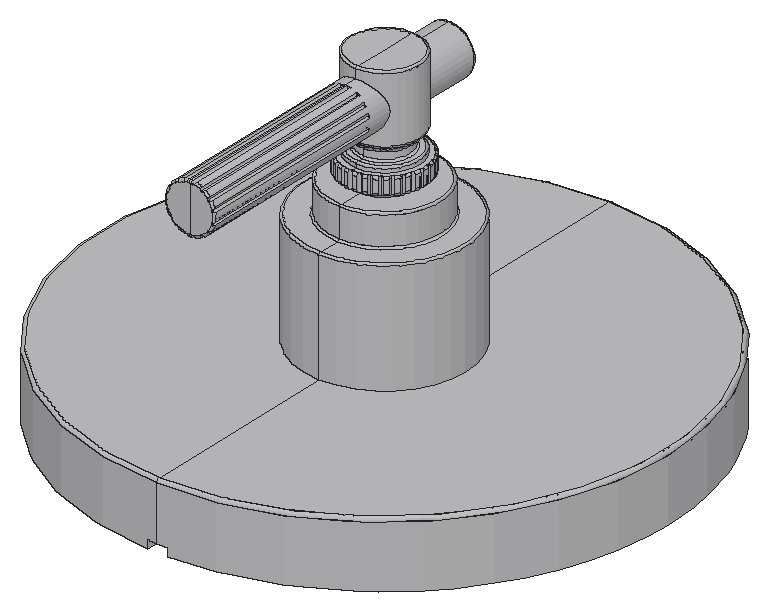
Revit family "Shower-Valve_Trim-KALLISTA-Central_Park_West-P21375_1", category Specialty Equipment, host Face, Revit 2021
Family settings
  Host = Face
  Round Connector Dimension = Use Diameter
  Part Type = Normal
  OmniClass Number = 23.31.25.00
  OmniClass Title = Toilet and Bath Specialties
  Cut with Voids When Loaded = No
  Shared = No
  Room Calculation Point = No
Parameters (values of type "CP-Chrome")
  Width = 6 67/256"  # constant formula
  WaterSense Certified = 1 = 0  # no
  URL = "https://www.kallista.com/"
  Type = 4
  Product Page URL = "https://www.kallista.com/bathroom/showering/shower-trim/central-park-west-pressure-balance-trim-lever-handle-p21375-lv-cp"
  Product Name = "Central Park West"  # constant formula
  Product Documentation Link = "https://resources.kohler.com/interiors/kallista/pdf/1377366-4.pdf"
  Model = if(Type = 1, "P21375-LV-BAF", if(Type = 2, "P21375-LV-BN", if(Type = 3, "P21375-LV-BV", if(Type = 4, "P21375-LV-CP", if(Type = 5, "P21375-LV-SN", if(Type = 6, "P21375-LV-ULB", "NA"))))))  # "P21375-LV-CP"
  Material = "Premium Metal Construction"  # constant formula
  Master Format 2014 Name = "Toilet, Bath, and Laundry Accessories"  # constant formula
  Master Format 2014 = "10 28 00"  # constant formula
  Manufacturer Address = "444 Highland Dr, Kohler, WI 53044"  # constant formula
  Manufacturer = "Kallista Co."  # constant formula
  Length = 3 149/256"  # constant formula
  Height = 6.25984"  # constant formula
  Handle Clearance = 2.67717"  # constant formula
  Finish = Kallista-Metal-CP-Chrome
  Environmental Product Declaration = ""
  Description = "Pressure Balance Trim, Lever Handle"  # constant formula
  Default Elevation = 42"
  Declare Label = ""
  Date Modified = "11/01/2022"  # constant formula
  Date Created = "11/01/2022"  # constant formula
  Copyright = "Copyright Kallista Co."  # constant formula
  Contact Us = "https://www.kallista.com/corporate/contact-us/"
  Assembly Code = "C1030200"
  ADA Compliant = 1 = 1  # yes
Reference planes (in)
  plane 1 "Center (Front/Back)": y = 0
  plane 2: z = 0
  plane 3 "Center (Left/Right)": x = 0
  plane 4: x = -3.12992
  plane 5: x = 3.1318
  plane 6: y = 3.12992
  plane 7: y = -3.12992
  plane 8: z = 3.58203
  plane 9: y = -2.67717
  plane 10: y = 0.90551
  plane 11: z = 0.72021
  plane 12: z = 3.18898
  plane 13: x = -0.27559
  plane 14: x = 0.27559
Dimensions and locks (in)
  "Width": plane 4 to plane 5
  "Length": level to plane 8
  "Height": plane 6 to plane 7
  "Handle Clearance": plane 1 "Center (Front/Back)" to plane 9
  plane 12 to level = 3.18898"
  plane 13 to plane 14 = 0.55118"
  plane 10 to plane 9 = 3.58268"
  aligned and locked: plane 2 to host face
  aligned and locked: level to host face
  aligned and locked: plane 3 "Center (Left/Right)" to nested 1
  aligned and locked: plane 1 "Center (Front/Back)" to nested 1
Automatic sketch dimensions
  host sketch curve to host sketch curve = 96"  (x2)
Nested families (in)
  nested 1: "P21375" at (0, 0, 0), type "P21375"
Definition of nested family "P21375"
  Parameters
    Material = none
    Default Elevation = 0"
  Reference planes (in)
    plane 1 "Center (Front/Back)": y = 0
    plane 2: z = 0
    plane 3 "Center (Left/Right)": x = 0
    plane 4: x = -3.12992
    plane 5: x = 3.12992
    plane 6: x = -0.27559
    plane 7: x = 0.27559
    plane 8: z = 3.58268
    plane 9: z = 3.18898
    plane 10: y = -2.67717
    plane 11: y = 0.90551
    plane 12: y = -3.12992
    plane 13: y = 3.12992
    plane 14: z = 2.91339
    plane 15: z = 3.46457
  Forms (in)
    Revolve 1, solid, material <- "Material", detail levels medium+fine
      sketch origin (0, 0, 0) x (0, 1, 0) y (0, 0, 1)
        loop
          line (3.12992, 0) -> (3.12992, 0.68084)
          arc (3.12992, 0.68084) -> (3.11839, 0.70868) -> (3.09055, 0.72021) r 0.03937
          line (3.09055, 0.72021) -> (0.89729, 0.72021) -> (0.89729, 1.94962)
          arc (0.89729, 1.94962) -> (0.89153, 1.96354) -> (0.87761, 1.96931) r 0.01969
          line (0.87761, 1.96931) -> (0.63974, 1.96931)
          arc (0.63974, 1.96931) -> (0.62582, 1.97507) -> (0.62006, 1.98899) r 0.01969
          line (0.62006, 1.98899) -> (0.62006, 2.29931)
          arc (0.62006, 2.29931) -> (0.61429, 2.31323) -> (0.60037, 2.319) r 0.01969
          line (0.60037, 2.319) -> (0.26555, 2.319) -> (0.315, 2.337) -> (0.35762, 2.337)
          arc (0.35762, 2.337) -> (0.37152, 2.34276) -> (0.37728, 2.35666) r 0.01966
          line (0.37728, 2.35666) -> (0.37728, 2.39706) -> (0.44194, 2.39706)
          arc (0.44194, 2.39706) -> (0.45586, 2.40282) -> (0.46163, 2.41674) r 0.01969
          line (0.46163, 2.41674) -> (0.46163, 2.55732)
          arc (0.46163, 2.55732) -> (0.45586, 2.57124) -> (0.44194, 2.577) r 0.01969
          line (0.44194, 2.577) -> (0.37761, 2.577) -> (0.37761, 2.61736)
          arc (0.37761, 2.61736) -> (0.37185, 2.63128) -> (0.35793, 2.63704) r 0.01969
          line (0.35793, 2.63704) -> (0.29827, 2.63704)
          arc (0.29827, 2.63704) -> (0.28435, 2.64281) -> (0.27859, 2.65673) r 0.01969
          line (0.27859, 2.65673) -> (0.27859, 2.76499) -> (0.31743, 2.76499)
          arc (0.31743, 2.76499) -> (0.33135, 2.77076) -> (0.33712, 2.78468) r 0.01969
          line (0.33712, 2.78468) -> (0.33712, 2.82404) -> (0.3689, 2.82404)
          arc (0.3689, 2.82404) -> (0.38282, 2.8298) -> (0.38858, 2.84372) r 0.01969
          line (0.38858, 2.84372) -> (0.38858, 3.56299)
          arc (0.38858, 3.56299) -> (0.38282, 3.57691) -> (0.3689, 3.58268) r 0.01969
          line (0.3689, 3.58268) -> (0, 3.58268) -> (0, 0) -> (3.12992, 0)
        axis (0, 3.58268) -> (0, 0)
      angle from 0 to 360
    Revolve 2, solid, material <- "Material", detail levels medium+fine
      sketch origin (0, 0, 0) x (0, 1, 0) y (0, 0, 1)
        loop
          line (0.88583, 3.46457) -> (-2.65748, 3.46457)
          arc (-2.65748, 3.46457) -> (-2.6714, 3.4588) -> (-2.67717, 3.44488) r 0.01969
          line (-2.67717, 3.44488) -> (-2.67717, 3.18898) -> (0.90551, 3.18898) -> (0.90551, 3.44488)
          arc (0.90551, 3.44488) -> (0.89975, 3.4588) -> (0.88583, 3.46457) r 0.01969
        axis (0.90551, 3.18898) -> (-2.67717, 3.18898)
      angle from 0 to 360
    Extrusion 3, void
      sketch origin (-0.00615, 0, 0) x (1, 0, 0) y (0, 1, 0)
        loop
          circle (0.4417, 0.1425) r 0.02362
        loop
          circle (0.46437, 0.04889) r 0.02362
      from 2.65265 to 2.337
    Extrusion 4, void
      sketch origin (-0.00834, 0.00103, 0) x (0.913545, 0.406737, 0) y (-0.406737, 0.913545, 0)
        loop
          circle (0.4417, 0.1425) r 0.02362
        loop
          circle (0.46437, 0.04889) r 0.02362
      from 2.65265 to 2.337
    Extrusion 5, void
      sketch origin (-0.00803, -0.00245, 0) x (0.669131, 0.743145, 0) y (-0.743145, 0.669131, 0)
        loop
          circle (0.4417, 0.1425) r 0.02362
        loop
          circle (0.46437, 0.04889) r 0.02362
      from 2.65265 to 2.337
    Extrusion 6, void
      sketch origin (0.00615, 0, 0) x (-1, 0, 0) y (0, -1, 0)
        loop
          circle (0.4417, -0.1425) r 0.02362
        loop
          circle (0.46437, -0.04889) r 0.02362
      from 2.65265 to 2.337
    Extrusion 7, void
      sketch origin (0.00834, 0.00103, 0) x (-0.913545, 0.406737, 0) y (-0.406737, -0.913545, 0)
        loop
          circle (0.4417, -0.1425) r 0.02362
        loop
          circle (0.46437, -0.04889) r 0.02362
      from 2.65265 to 2.337
    Extrusion 8, void
      sketch origin (0.00803, -0.00245, 0) x (-0.669131, 0.743145, 0) y (-0.743145, -0.669131, 0)
        loop
          circle (0.4417, -0.1425) r 0.02362
        loop
          circle (0.46437, -0.04889) r 0.02362
      from 2.65265 to 2.337
    Extrusion 9, void
      sketch origin (0.00834, -0.00103, 0) x (-0.913545, -0.406737, 0) y (0.406737, -0.913545, 0)
        loop
          circle (0.4417, 0.1425) r 0.02362
        loop
          circle (0.46437, 0.04889) r 0.02362
      from 2.65265 to 2.337
    Extrusion 10, void
      sketch origin (-0.00834, -0.00103, 0) x (0.913545, -0.406737, 0) y (0.406737, 0.913545, 0)
        loop
          circle (0.4417, -0.1425) r 0.02362
        loop
          circle (0.46437, -0.04889) r 0.02362
      from 2.65265 to 2.337
    Extrusion 11, void
      sketch origin (-0.00803, 0.00245, 0) x (0.669131, -0.743145, 0) y (0.743145, 0.669131, 0)
        loop
          circle (0.4417, -0.1425) r 0.02362
        loop
          circle (0.46437, -0.04889) r 0.02362
      from 2.65265 to 2.337
    Extrusion 12, void
      sketch origin (-0.00719, -0.00433, 0) x (1, 0, 0) y (0, 1, 0)
        loop
          circle (0.4417, -0.1425) r 0.02362
        loop
          circle (0.46437, -0.04889) r 0.02362
      from 2.65265 to 2.337
    Extrusion 13, void
      sketch origin (-0.00634, 0.0055, 0) x (0.309017, -0.951057, 0) y (0.951057, 0.309017, 0)
        loop
          circle (0.4417, -0.1425) r 0.02559
        loop
          circle (0.46437, -0.04889) r 0.02559
      from 2.65265 to 2.337
    Extrusion 14, void
      sketch origin (-0.00634, -0.0055, 0) x (0.309017, 0.951057, 0) y (-0.951057, 0.309017, 0)
        loop
          circle (0.4417, 0.1425) r 0.02559
        loop
          circle (0.46437, 0.04889) r 0.02559
      from 2.65265 to 2.337
    Extrusion 15, void
      sketch origin (0.00803, 0.00245, 0) x (-0.669131, -0.743145, 0) y (0.743145, -0.669131, 0)
        loop
          circle (0.4417, 0.1425) r 0.02165
      from 2.65265 to 2.337
    Extrusion 16, void
      sketch origin (0.00735, 0.00406, 0) x (-0.5, -0.866025, 0) y (0.866025, -0.5, 0)
        loop
          circle (0.4417, 0.1425) r 0.02165
      from 2.65265 to 2.337
    Extrusion 17, void
      sketch origin (0.00837, 0.00072, 0) x (-0.809017, -0.587785, 0) y (0.587785, -0.809017, 0)
        loop
          circle (0.4417, 0.1425) r 0.02165
      from 2.65265 to 2.337
    Extrusion 18, void
      sketch origin (0.00719, -0.00433, 0) x (-1, 0, 0) y (0, -1, 0)
        loop
          circle (0.4417, 0.1425) r 0.02165
      from 2.65265 to 2.337
    Extrusion 19, void
      sketch origin (0.00614, -0.00573, 0) x (-0.978148, 0.207912, 0) y (-0.207912, -0.978148, 0)
        loop
          circle (0.4417, 0.1425) r 0.02165
      from 2.65265 to 2.337
    Extrusion 20, void
      sketch origin (0.00735, -0.00406, 0) x (-0.5, 0.866025, 0) y (-0.866025, -0.5, 0)
        loop
          circle (0.4417, -0.1425) r 0.02165
      from 2.65265 to 2.337
    Extrusion 21, void
      sketch origin (0, 0, 0) x (1, 0, 0) y (0, 0, 1)
        loop
          circle (0.26516, 3.25403) r 0.0212
      from 0.53916 to 2.74797
    Extrusion 22, void
      sketch origin (1.22037, 0, 0.24275) x (0.92388, 0, 0.382683) y (-0.382683, 0, 0.92388)
        loop
          circle (0.26516, 3.25403) r 0.0212
      from 0.53916 to 2.74797
    Extrusion 23, void
      sketch origin (2.25495, 0, 0.93403) x (0.707107, 0, 0.707107) y (-0.707107, 0, 0.707107)
        loop
          circle (0.26516, 3.25403) r 0.0212
      from 0.53916 to 2.74797
    Extrusion 24, void
      sketch origin (2.94623, 0, 1.96861) x (0.382683, 0, 0.92388) y (-0.92388, 0, 0.382683)
        loop
          circle (0.26516, 3.25403) r 0.0212
      from 0.53916 to 2.74797
    Extrusion 25, void
      sketch origin (0, 0, 0) x (-1, 0, 0) y (0, 0, -1)
        loop
          circle (0.26516, -3.25403) r 0.0212
      from 0.53916 to 2.74797
    Extrusion 26, void
      sketch origin (-1.22037, 0, 0.24275) x (-0.92388, 0, 0.382683) y (-0.382683, 0, -0.92388)
        loop
          circle (0.26516, -3.25403) r 0.0212
      from 0.53916 to 2.74797
    Extrusion 27, void
      sketch origin (-2.25495, 0, 0.93403) x (-0.707107, 0, 0.707107) y (-0.707107, 0, -0.707107)
        loop
          circle (0.26516, -3.25403) r 0.0212
      from 0.53916 to 2.74797
    Extrusion 28, void
      sketch origin (-2.94623, 0, 1.96861) x (-0.382683, 0, 0.92388) y (-0.92388, 0, -0.382683)
        loop
          circle (0.26516, -3.25403) r 0.0212
      from 0.53916 to 2.74797
    Extrusion 29, void
      sketch origin (0, 0, 6.37795) x (1, 0, 0) y (0, 0, 1)
        loop
          circle (0.26516, -3.25403) r 0.0212
      from 0.53916 to 2.74797
    Extrusion 30, void
      sketch origin (1.22037, 0, 6.13521) x (0.92388, 0, -0.382683) y (0.382683, 0, 0.92388)
        loop
          circle (0.26516, -3.25403) r 0.0212
      from 0.53916 to 2.74797
    Extrusion 31, void
      sketch origin (2.25495, 0, 5.44392) x (0.707107, 0, -0.707107) y (0.707107, 0, 0.707107)
        loop
          circle (0.26516, -3.25403) r 0.0212
      from 0.53916 to 2.74797
    Extrusion 32, void
      sketch origin (2.94623, 0, 4.40934) x (0.382683, 0, -0.92388) y (0.92388, 0, 0.382683)
        loop
          circle (0.26516, -3.25403) r 0.0212
      from 0.53916 to 2.74797
    Extrusion 33, void
      sketch origin (0, 0, 6.37795) x (-1, 0, 0) y (0, 0, -1)
        loop
          circle (0.26516, 3.25403) r 0.0212
      from 0.53916 to 2.74797
    Extrusion 34, void
      sketch origin (-1.22037, 0, 6.13521) x (-0.92388, 0, -0.382683) y (0.382683, 0, -0.92388)
        loop
          circle (0.26516, 3.25403) r 0.0212
      from 0.53916 to 2.74797
    Extrusion 35, void
      sketch origin (-2.25495, 0, 5.44392) x (-0.707107, 0, -0.707107) y (0.707107, 0, -0.707107)
        loop
          circle (0.26516, 3.25403) r 0.0212
      from 0.53916 to 2.74797
    Extrusion 36, void
      sketch origin (-2.94623, 0, 4.40934) x (-0.382683, 0, -0.92388) y (0.92388, 0, -0.382683)
        loop
          circle (0.26516, 3.25403) r 0.0212
      from 0.53916 to 2.74797
    Revolve 37, solid, material <- "Material", detail levels coarse
      sketch origin (0, 0, 0) x (1, 0, 0) y (0, 0, 1)
        loop
          line (0, 0) -> (3.12992, 0) -> (3.12992, 0.72142) -> (0.89929, 0.72142) -> (0.89929, 2.31963) -> (0.38885, 2.31963) -> (0.38885, 3.58268) -> (0, 3.58268) -> (0, 0)
        axis (0, 3.58268) -> (0, 0)
      angle from 0 to 360
    Extrusion 38, solid, material <- "Material", detail levels coarse
      sketch origin (0, 0, 0) x (1, 0, 0) y (0, 0, 1)
        loop
          circle (0, 3.18898) r 0.27559
      from -0.90551 to 2.67717
    Extrusion 39, void
      sketch origin (0, 0, 0) x (1, 0, 0) y (0, 0, 1)
        loop
          line (-0.09965, -0.0123) -> (0.11585, -0.0123) -> (0.11585, 0.0883) -> (-0.09965, 0.0883) -> (-0.09965, -0.0123)
      from 2.33657 to 4.00289
  Cuts and joins
    Extrusion 3, Extrusion 4, Extrusion 5, Extrusion 6, Extrusion 7, Extrusion 8, Extrusion 9, Extrusion 10, Extrusion 11, Extrusion 12, Extrusion 13, Extrusion 14, Extrusion 15, Extrusion 16, Extrusion 17, Extrusion 18, Extrusion 19, Extrusion 20, Extrusion 22, Extrusion 23, Extrusion 24, Extrusion 25, Extrusion 26, Extrusion 27, Extrusion 28, Extrusion 29, Extrusion 30, Extrusion 31, Extrusion 32, Extrusion 33, Extrusion 34, Extrusion 35, Extrusion 36, Extrusion 39 cuts Revolve 1
    Extrusion 4, Extrusion 5, Extrusion 6, Extrusion 7, Extrusion 8, Extrusion 9, Extrusion 10, Extrusion 11, Extrusion 12, Extrusion 16, Extrusion 17, Extrusion 18, Extrusion 19, Extrusion 20, Extrusion 21, Extrusion 22, Extrusion 23, Extrusion 24, Extrusion 25, Extrusion 26, Extrusion 27, Extrusion 28, Extrusion 29, Extrusion 30, Extrusion 31, Extrusion 32, Extrusion 33, Extrusion 34, Extrusion 35, Extrusion 36 cuts Revolve 2
    joined: Revolve 1, Revolve 2
    joined: Revolve 37, Extrusion 38
  Lines and regions (in)
    Masking region 1
      outline origin (0, 0, 0) x (1, 0, 0) y (0, 0, 1)
        loop
          line (3.12992, 0) -> (3.12992, 0.68084)
          arc (3.12992, 0.68084) -> (3.11839, 0.70868) -> (3.09055, 0.72021) r 0.03937
          line (3.09055, 0.72021) -> (0.90015, 0.72021) -> (0.90015, 1.9497)
          arc (0.90015, 1.9497) -> (0.89438, 1.96362) -> (0.88046, 1.96939) r 0.01969
          line (0.88046, 1.96939) -> (0.63976, 1.96939)
          arc (0.63976, 1.96939) -> (0.62584, 1.97515) -> (0.62008, 1.98907) r 0.01969
          line (0.62008, 1.98907) -> (0.62008, 2.29931)
          arc (0.62008, 2.29931) -> (0.61431, 2.31323) -> (0.60039, 2.319) r 0.01969
          line (0.60039, 2.319) -> (0.315, 2.319) -> (0.26555, 2.319) -> (0.315, 2.337) -> (0.35748, 2.337)
          arc (0.35748, 2.337) -> (0.37149, 2.3428) -> (0.37729, 2.35681) r 0.01981
          line (0.37729, 2.35681) -> (0.37729, 2.39706) -> (0.44152, 2.39706)
          arc (0.44152, 2.39706) -> (0.45655, 2.40403) -> (0.46093, 2.42002) r 0.01969
          line (0.46093, 2.42002) -> (0.46093, 2.55709)
          arc (0.46093, 2.55709) -> (0.45524, 2.57116) -> (0.44124, 2.577) r 0.01969
          line (0.44124, 2.577) -> (0.37776, 2.577) -> (0.37776, 2.61724)
          arc (0.37776, 2.61724) -> (0.372, 2.63116) -> (0.35808, 2.63693) r 0.01969
          line (0.35808, 2.63693) -> (0.29902, 2.63693)
          arc (0.29902, 2.63693) -> (0.28331, 2.64415) -> (0.27855, 2.66077) r 0.0207
          line (0.27855, 2.66077) -> (0.27855, 2.76489) -> (0.31748, 2.76489)
          arc (0.31748, 2.76489) -> (0.3314, 2.77065) -> (0.33716, 2.78457) r 0.01969
          line (0.33716, 2.78457) -> (0.33716, 2.82404) -> (0.36916, 2.82404)
          arc (0.36916, 2.82404) -> (0.38308, 2.8298) -> (0.38885, 2.84372) r 0.01969
          line (0.38885, 2.84372) -> (0.38885, 3.56299)
          arc (0.38885, 3.56299) -> (0.38308, 3.57691) -> (0.36916, 3.58268) r 0.01969
          line (0.36916, 3.58268) -> (0, 3.58268) -> (-0.36916, 3.58268)
          arc (-0.36916, 3.58268) -> (-0.38308, 3.57691) -> (-0.38885, 3.56299) r 0.01969
          line (-0.38885, 3.56299) -> (-0.38885, 2.84372)
          arc (-0.38885, 2.84372) -> (-0.38308, 2.8298) -> (-0.36916, 2.82404) r 0.01969
          line (-0.36916, 2.82404) -> (-0.33716, 2.82404) -> (-0.33716, 2.78457)
          arc (-0.33716, 2.78457) -> (-0.3314, 2.77065) -> (-0.31748, 2.76489) r 0.01969
          line (-0.31748, 2.76489) -> (-0.27855, 2.76489) -> (-0.27855, 2.66077)
          arc (-0.27855, 2.66077) -> (-0.28331, 2.64415) -> (-0.29902, 2.63693) r 0.0207
          line (-0.29902, 2.63693) -> (-0.35808, 2.63693)
          arc (-0.35808, 2.63693) -> (-0.372, 2.63116) -> (-0.37776, 2.61724) r 0.01969
          line (-0.37776, 2.61724) -> (-0.37776, 2.577) -> (-0.44124, 2.577)
          arc (-0.44124, 2.577) -> (-0.45524, 2.57116) -> (-0.46093, 2.55709) r 0.01969
          line (-0.46093, 2.55709) -> (-0.46093, 2.42002)
          arc (-0.46093, 2.42002) -> (-0.45655, 2.40403) -> (-0.44152, 2.39706) r 0.01969
          line (-0.44152, 2.39706) -> (-0.37729, 2.39706) -> (-0.37729, 2.35681)
          arc (-0.37729, 2.35681) -> (-0.37149, 2.3428) -> (-0.35748, 2.337) r 0.01981
          line (-0.35748, 2.337) -> (-0.315, 2.337) -> (-0.26555, 2.319) -> (-0.315, 2.319) -> (-0.60039, 2.319)
          arc (-0.60039, 2.319) -> (-0.61431, 2.31323) -> (-0.62008, 2.29931) r 0.01969
          line (-0.62008, 2.29931) -> (-0.62008, 1.98907)
          arc (-0.62008, 1.98907) -> (-0.62584, 1.97515) -> (-0.63976, 1.96939) r 0.01969
          line (-0.63976, 1.96939) -> (-0.88046, 1.96939)
          arc (-0.88046, 1.96939) -> (-0.89438, 1.96362) -> (-0.90015, 1.9497) r 0.01969
          line (-0.90015, 1.9497) -> (-0.90015, 0.72021) -> (-3.09055, 0.72021)
          arc (-3.09055, 0.72021) -> (-3.11839, 0.70868) -> (-3.12992, 0.68084) r 0.03937
          line (-3.12992, 0.68084) -> (-3.12992, 0) -> (0, 0) -> (3.12992, 0)
    Masking region 2
      outline origin (0, 0, 0) x (0, 1, 0) y (0, 0, 1)
        loop
          line (3.12992, 0) -> (3.12992, 0.68038)
          arc (3.12992, 0.68038) -> (3.11839, 0.70822) -> (3.09055, 0.71975) r 0.03937
          line (3.09055, 0.71975) -> (0.89767, 0.71975) -> (0.89767, 1.95001)
          arc (0.89767, 1.95001) -> (0.8919, 1.96393) -> (0.87798, 1.9697) r 0.01969
          line (0.87798, 1.9697) -> (0.64016, 1.9697)
          arc (0.64016, 1.9697) -> (0.62624, 1.97546) -> (0.62047, 1.98938) r 0.01969
          line (0.62047, 1.98938) -> (0.62047, 2.29931)
          arc (0.62047, 2.29931) -> (0.61471, 2.31323) -> (0.60079, 2.319) r 0.01969
          line (0.60079, 2.319) -> (0.315, 2.319) -> (0.24782, 2.319) -> (0.315, 2.337) -> (0.35811, 2.337)
          arc (0.35811, 2.337) -> (0.37203, 2.34277) -> (0.37779, 2.35669) r 0.01969
          line (0.37779, 2.35669) -> (0.37779, 2.39687) -> (0.44151, 2.39687)
          arc (0.44151, 2.39687) -> (0.45543, 2.40264) -> (0.4612, 2.41655) r 0.01969
          line (0.4612, 2.41655) -> (0.4612, 2.55732)
          arc (0.4612, 2.55732) -> (0.45543, 2.57124) -> (0.44151, 2.577) r 0.01969
          line (0.44151, 2.577) -> (0.39735, 2.577)
          arc (0.39735, 2.577) -> (0.38343, 2.58277) -> (0.37766, 2.59669) r 0.01969
          line (0.37766, 2.59669) -> (0.37766, 2.6373) -> (0.29823, 2.6373)
          arc (0.29823, 2.6373) -> (0.28431, 2.64307) -> (0.27855, 2.65699) r 0.01969
          line (0.27855, 2.65699) -> (0.27855, 2.76508) -> (0.31752, 2.76508)
          arc (0.31752, 2.76508) -> (0.33144, 2.77085) -> (0.3372, 2.78477) r 0.01969
          line (0.3372, 2.78477) -> (0.3372, 2.82404) -> (0.36879, 2.82404)
          arc (0.36879, 2.82404) -> (0.38271, 2.8298) -> (0.38847, 2.84372) r 0.01968
          line (0.38847, 2.84372) -> (0.38847, 2.91339) -> (0.88583, 2.91339)
          arc (0.88583, 2.91339) -> (0.89975, 2.91915) -> (0.90551, 2.93307) r 0.01969
          line (0.90551, 2.93307) -> (0.90551, 3.44488)
          arc (0.90551, 3.44488) -> (0.89975, 3.4588) -> (0.88583, 3.46457) r 0.01969
          line (0.88583, 3.46457) -> (0.38847, 3.46457) -> (0.38847, 3.56299)
          arc (0.38847, 3.56299) -> (0.3827, 3.57691) -> (0.36879, 3.58268) r 0.01969
          line (0.36879, 3.58268) -> (-0.36879, 3.58268)
          arc (-0.36879, 3.58268) -> (-0.3827, 3.57691) -> (-0.38847, 3.56299) r 0.01969
          line (-0.38847, 3.56299) -> (-0.38847, 3.46457) -> (-2.65748, 3.46457)
          arc (-2.65748, 3.46457) -> (-2.6714, 3.4588) -> (-2.67717, 3.44488) r 0.01969
          line (-2.67717, 3.44488) -> (-2.67717, 2.93307)
          arc (-2.67717, 2.93307) -> (-2.6714, 2.91915) -> (-2.65748, 2.91339) r 0.01969
          line (-2.65748, 2.91339) -> (-0.38847, 2.91339) -> (-0.38847, 2.84386)
          arc (-0.38847, 2.84386) -> (-0.38266, 2.82984) -> (-0.36864, 2.82404) r 0.01983
          line (-0.36864, 2.82404) -> (-0.3372, 2.82404) -> (-0.3372, 2.78477)
          arc (-0.3372, 2.78477) -> (-0.33144, 2.77085) -> (-0.31752, 2.76508) r 0.01969
          line (-0.31752, 2.76508) -> (-0.27855, 2.76508) -> (-0.27855, 2.65699)
          arc (-0.27855, 2.65699) -> (-0.28431, 2.64307) -> (-0.29823, 2.6373) r 0.01969
          line (-0.29823, 2.6373) -> (-0.37766, 2.6373) -> (-0.37766, 2.59669)
          arc (-0.37766, 2.59669) -> (-0.38343, 2.58277) -> (-0.39735, 2.577) r 0.01969
          line (-0.39735, 2.577) -> (-0.44151, 2.577)
          arc (-0.44151, 2.577) -> (-0.45543, 2.57124) -> (-0.4612, 2.55732) r 0.01969
          line (-0.4612, 2.55732) -> (-0.4612, 2.41655)
          arc (-0.4612, 2.41655) -> (-0.45543, 2.40264) -> (-0.44151, 2.39687) r 0.01969
          line (-0.44151, 2.39687) -> (-0.37779, 2.39687) -> (-0.37779, 2.35669)
          arc (-0.37779, 2.35669) -> (-0.37203, 2.34277) -> (-0.35811, 2.337) r 0.01969
          line (-0.35811, 2.337) -> (-0.315, 2.337) -> (-0.24782, 2.319) -> (-0.315, 2.319) -> (-0.60079, 2.319)
          arc (-0.60079, 2.319) -> (-0.61471, 2.31323) -> (-0.62047, 2.29931) r 0.01969
          line (-0.62047, 2.29931) -> (-0.62047, 1.98938)
          arc (-0.62047, 1.98938) -> (-0.62624, 1.97546) -> (-0.64016, 1.9697) r 0.01969
          line (-0.64016, 1.9697) -> (-0.87798, 1.9697)
          arc (-0.87798, 1.9697) -> (-0.8919, 1.96393) -> (-0.89767, 1.95001) r 0.01969
          line (-0.89767, 1.95001) -> (-0.89767, 0.71975) -> (-3.09055, 0.71975)
          arc (-3.09055, 0.71975) -> (-3.11839, 0.70822) -> (-3.12992, 0.68038) r 0.03937
          line (-3.12992, 0.68038) -> (-3.12992, 0) -> (3.12992, 0)
    Masking region 3
      outline origin (0, 0, 0) x (1, 0, 0) y (0, 1, 0)
        loop
          circle (0, 0) r 3.12992
    symbolic lines, detail levels medium+fine
      curve 1: line (0.90015, 0, 0.72021) -> (-0.90015, 0, 0.72021)
      curve 2: line (-0.63976, 0, 1.96939) -> (0.63976, 0, 1.96939)
      curve 3: line (0.315, 0, 2.337) -> (-0.315, 0, 2.337)
      curve 4: line (-0.315, 0, 2.319) -> (0.315, 0, 2.319)
      curve 5: line (-0.37729, 0, 2.39706) -> (0.37729, 0, 2.39706)
      curve 6: line (-0.37776, 0, 2.577) -> (0.37776, 0, 2.577)
      curve 7: line (0.29902, 0, 2.63693) -> (-0.29902, 0, 2.63693)
      curve 8: line (-0.27855, 0, 2.76489) -> (0.27855, 0, 2.76489)
      curve 9: line (0.33716, 0, 2.82404) -> (-0.33716, 0, 2.82404)
      curve 10: line (0, 0.3372, 2.82404) -> (0, -0.3372, 2.82404)
      curve 11: line (0, 0.27855, 2.76508) -> (0, -0.27855, 2.76508)
      curve 12: line (0, 0.29823, 2.6373) -> (0, -0.29823, 2.6373)
      curve 13: line (0, -0.39735, 2.577) -> (0, 0.39735, 2.577)
      curve 14: line (0, 0.37779, 2.39687) -> (0, -0.37779, 2.39687)
      curve 15: line (0, -0.315, 2.337) -> (0, 0.315, 2.337)
      curve 16: line (0, 0.24782, 2.319) -> (0, -0.24782, 2.319)
      curve 17: line (0, 0.64016, 1.9697) -> (0, -0.63574, 1.9697)
      curve 18: line (0, 0.89767, 0.71975) -> (0, -0.89767, 0.71975)
      curve 19: arc (0, 0.38847, 3.46457) -> (0, 0.25799, 3.18898) -> (0, 0.38847, 2.91339) r 0.35627
      curve 20: arc (0, -0.38847, 3.46457) -> (0, -0.25799, 3.18898) -> (0, -0.38847, 2.91339) r 0.35627
      curve 21: line (0.25591, -2.67717, 0) -> (-0.25591, -2.67717, 0)
      curve 22: line (0.27559, 0.88583, 0) -> (0.27559, 0.28116, 0)
      curve 23: line (-0.27559, 0.88583, 0) -> (-0.27559, 0.28116, 0)
      curve 24: line (0.25591, 0.90551, 0) -> (-0.25591, 0.90551, 0)
      curve 25: line (0.27559, -0.28116, 0) -> (0.27559, -2.65748, 0)
      curve 26: line (-0.27559, -0.28116, 0) -> (-0.27559, -2.65748, 0)
      curve 27: arc (-0.43052, -0.16812, 0) -> (-0.41399, -0.1399, 0) -> (-0.44425, -0.12749, 0) r 0.02165
      curve 28: arc (-0.38511, -0.25554, 0) -> (-0.37568, -0.22254, 0) -> (-0.40915, -0.21495, 0) r 0.02362
      curve 29: arc (-0.32349, -0.33009, 0) -> (-0.31985, -0.29486, 0) -> (-0.35527, -0.29563, 0) r 0.02362
      curve 30: arc (-0.45606, -0.07493, 0) -> (-0.43403, -0.05077, 0) -> (-0.46104, -0.03234, 0) r 0.02165
      curve 31: arc (-0.45606, -0.07493, 0) -> (-0.45092, -0.10139, 0) -> (-0.44425, -0.12749, 0) r 0.46218
      curve 32: arc (-0.43052, -0.16812, 0) -> (-0.42049, -0.19183, 0) -> (-0.40915, -0.21495, 0) r 0.46218
      curve 33: arc (-0.38511, -0.25554, 0) -> (-0.37073, -0.27599, 0) -> (-0.35527, -0.29563, 0) r 0.46218
      curve 34: arc (-0.32349, -0.33009, 0) -> (-0.30024, -0.35138, 0) -> (-0.27559, -0.37102, 0) r 0.46218
      curve 35: arc (-0.46218, -0.00114, 0) -> (-0.46187, -0.01675, 0) -> (-0.46104, -0.03234, 0) r 0.46218
      curve 36: arc (-0.43052, 0.16812, 0) -> (-0.41399, 0.1399, 0) -> (-0.44425, 0.12749, 0) r 0.02165
      curve 37: arc (-0.38511, 0.25554, 0) -> (-0.37568, 0.22254, 0) -> (-0.40915, 0.21495, 0) r 0.02362
      curve 38: arc (-0.32349, 0.33009, 0) -> (-0.31985, 0.29486, 0) -> (-0.35527, 0.29563, 0) r 0.02362
      curve 39: arc (-0.45606, 0.07493, 0) -> (-0.43403, 0.05077, 0) -> (-0.46104, 0.03234, 0) r 0.02165
      curve 40: arc (-0.45606, 0.07493, 0) -> (-0.45092, 0.10139, 0) -> (-0.44425, 0.12749, 0) r 0.46218
      curve 41: arc (-0.43052, 0.16812, 0) -> (-0.42049, 0.19183, 0) -> (-0.40915, 0.21495, 0) r 0.46218
      curve 42: arc (-0.38511, 0.25554, 0) -> (-0.37073, 0.27599, 0) -> (-0.35527, 0.29563, 0) r 0.46218
      curve 43: arc (-0.32349, 0.33009, 0) -> (-0.30024, 0.35138, 0) -> (-0.27559, 0.37102, 0) r 0.46218
      curve 44: arc (-0.46218, 0.00114, 0) -> (-0.46187, 0.01675, 0) -> (-0.46104, 0.03234, 0) r 0.46218
      curve 45: arc (0.43052, -0.16812, 0) -> (0.41399, -0.1399, 0) -> (0.44425, -0.12749, 0) r 0.02165
      curve 46: arc (0.38511, -0.25554, 0) -> (0.37568, -0.22254, 0) -> (0.40915, -0.21495, 0) r 0.02362
      curve 47: arc (0.32349, -0.33009, 0) -> (0.31985, -0.29486, 0) -> (0.35527, -0.29563, 0) r 0.02362
      curve 48: arc (0.45606, -0.07493, 0) -> (0.43403, -0.05077, 0) -> (0.46104, -0.03234, 0) r 0.02165
      curve 49: arc (0.45606, -0.07493, 0) -> (0.45092, -0.10139, 0) -> (0.44425, -0.12749, 0) r 0.46218
      curve 50: arc (0.43052, -0.16812, 0) -> (0.42049, -0.19183, 0) -> (0.40915, -0.21495, 0) r 0.46218
      curve 51: arc (0.38511, -0.25554, 0) -> (0.37073, -0.27599, 0) -> (0.35527, -0.29563, 0) r 0.46218
      curve 52: arc (0.32349, -0.33009, 0) -> (0.30024, -0.35138, 0) -> (0.27559, -0.37102, 0) r 0.46218
      curve 53: arc (0.46218, -0.00114, 0) -> (0.46187, -0.01675, 0) -> (0.46104, -0.03234, 0) r 0.46218
      curve 54: arc (0.43052, 0.16812, 0) -> (0.41399, 0.1399, 0) -> (0.44425, 0.12749, 0) r 0.02165
      curve 55: arc (0.38511, 0.25554, 0) -> (0.37568, 0.22254, 0) -> (0.40915, 0.21495, 0) r 0.02362
      curve 56: arc (0.32349, 0.33009, 0) -> (0.31985, 0.29486, 0) -> (0.35527, 0.29563, 0) r 0.02362
      curve 57: arc (0.45606, 0.07493, 0) -> (0.43403, 0.05077, 0) -> (0.46104, 0.03234, 0) r 0.02165
      curve 58: arc (0.45606, 0.07493, 0) -> (0.45092, 0.10139, 0) -> (0.44425, 0.12749, 0) r 0.46218
      curve 59: arc (0.43052, 0.16812, 0) -> (0.42049, 0.19183, 0) -> (0.40915, 0.21495, 0) r 0.46218
      curve 60: arc (0.38511, 0.25554, 0) -> (0.37073, 0.27599, 0) -> (0.35527, 0.29563, 0) r 0.46218
      curve 61: arc (0.32349, 0.33009, 0) -> (0.30024, 0.35138, 0) -> (0.27559, 0.37102, 0) r 0.46218
      curve 62: arc (0.46218, 0.00114, 0) -> (0.46187, 0.01675, 0) -> (0.46104, 0.03234, 0) r 0.46218
      curve 63: arc (-0.27559, 0.33914, 0) -> (-0.43699, 0, 0) -> (-0.27559, -0.33914, 0) r 0.43699
      curve 64: arc (0.27559, -0.33914, 0) -> (0.43699, 0, 0) -> (0.27559, 0.33914, 0) r 0.43699
      curve 65: circle (0, 0, 0) r 0.3937 normal (0, 0, 1)
      curve 66: arc (-0.25591, 0.90551, 0) -> (-0.26982, 0.89975, 0) -> (-0.27559, 0.88583, 0) r 0.01969
      curve 67: arc (0.27559, 0.88583, 0) -> (0.26982, 0.89975, 0) -> (0.25591, 0.90551, 0) r 0.01969
      curve 68: arc (-0.27559, -2.65748, 0) -> (-0.26982, -2.6714, 0) -> (-0.25591, -2.67717, 0) r 0.01969
      curve 69: arc (0.27559, -2.65748, 0) -> (0.26982, -2.6714, 0) -> (0.25591, -2.67717, 0) r 0.01969
      curve 70: line (0.02008, 0, 2.55732) -> (0.02008, 0, 2.41674)
      curve 71: line (0.0657, 0, 2.41674) -> (0.0657, 0, 2.55732)
      curve 72: line (0.11586, 0, 2.55732) -> (0.11586, 0, 2.41674)
      curve 73: line (0.16099, 0, 2.41674) -> (0.16099, 0, 2.55732)
      curve 74: line (0.20415, 0, 2.55732) -> (0.20415, 0, 2.41674)
      curve 75: line (0.24754, 0, 2.41674) -> (0.24754, 0, 2.55732)
      curve 76: line (0.28605, 0, 2.55732) -> (0.28605, 0, 2.41674)
      curve 77: line (0.32304, 0, 2.41674) -> (0.32304, 0, 2.55732)
      curve 78: line (0.3549, 0, 2.55732) -> (0.3549, 0, 2.41674)
      curve 79: line (0.38462, 0, 2.41674) -> (0.38462, 0, 2.55732)
      curve 80: line (0.40869, 0, 2.55732) -> (0.40869, 0, 2.41674)
      curve 81: line (0.42924, 0, 2.41674) -> (0.42924, 0, 2.55732)
      curve 82: line (0.44429, 0, 2.55732) -> (0.44429, 0, 2.41674)
      curve 83: line (0, -2.65748, 3.45738) -> (0, -0.54531, 3.45738)
      curve 84: line (0, -0.55054, 3.43493) -> (0, -2.65748, 3.43493)
      curve 85: line (0, -2.65748, 3.41302) -> (0, -0.55054, 3.41302)
      curve 86: line (0, -0.5512, 3.36863) -> (0, -2.65748, 3.36863)
      curve 87: line (0, -2.65748, 3.33456) -> (0, -0.5512, 3.33456)
      curve 88: line (0, -0.55217, 3.27498) -> (0, -2.65748, 3.27498)
      curve 89: line (0, -2.65748, 3.23393) -> (0, -0.55217, 3.23393)
      curve 90: line (0, -0.55217, 3.14402) -> (0, -2.65748, 3.14402)
      curve 91: line (0, -2.65748, 3.10298) -> (0, -0.55217, 3.10298)
      curve 92: line (0, -0.5512, 3.04339) -> (0, -2.65748, 3.04339)
      curve 93: line (0, -2.65748, 3.00933) -> (0, -0.5512, 3.00933)
      curve 94: line (0, -0.55054, 2.96493) -> (0, -2.65748, 2.96493)
      curve 95: line (0, -2.65748, 2.94303) -> (0, -0.55054, 2.94303)
      curve 96: line (0, -0.54531, 2.92057) -> (0, -2.65748, 2.92057)
      curve 97: line (0, 0.44792, 2.55685) -> (0, 0.44792, 2.41674)
      curve 98: line (0, 0.43265, 2.41701) -> (0, 0.43265, 2.55732)
      curve 99: line (0, 0.41404, 2.55732) -> (0, 0.41404, 2.41674)
      curve 100: line (0, 0.38965, 2.41732) -> (0, 0.38965, 2.55732)
      curve 101: line (0, 0.36232, 2.55805) -> (0, 0.36232, 2.41598)
      curve 102: line (0, 0.32976, 2.41697) -> (0, 0.32976, 2.55825)
      curve 103: line (0, 0.29521, 2.55732) -> (0, 0.29521, 2.41674)
      curve 104: line (0, 0.25528, 2.41724) -> (0, 0.25528, 2.5579)
      curve 105: line (0, 0.21465, 2.55732) -> (0, 0.21465, 2.41674)
      curve 106: line (0, 0.16566, 2.41687) -> (0, 0.16566, 2.55764)
      curve 107: line (0, 0.12106, 2.55732) -> (0, 0.12106, 2.41674)
      curve 108: line (0, 0.0724, 2.41725) -> (0, 0.0724, 2.55758)
      curve 109: line (0, 0.02543, 2.55751) -> (0, 0.02543, 2.41654)
      curve 110: line (0, -0.03221, 2.41674) -> (0, -0.03221, 2.55753)
      curve 111: line (0, -0.07494, 2.55712) -> (0, -0.07494, 2.41644)
      curve 112: line (0, -0.12725, 2.41674) -> (0, -0.12725, 2.55732)
      curve 113: line (0, -0.16801, 2.55708) -> (0, -0.16801, 2.41632)
      curve 114: line (0, -0.21465, 2.41674) -> (0, -0.21465, 2.55732)
      curve 115: line (0, -0.25528, 2.55682) -> (0, -0.25528, 2.41614)
      curve 116: line (0, -0.29521, 2.41674) -> (0, -0.29521, 2.55732)
      curve 117: line (0, -0.32976, 2.55709) -> (0, -0.32976, 2.41577)
      curve 118: line (0, -0.36377, 2.41674) -> (0, -0.36377, 2.55732)
      curve 119: line (0, -0.38865, 2.55699) -> (0, -0.38865, 2.41674)
      curve 120: line (0, -0.41491, 2.41674) -> (0, -0.41491, 2.55732)
      curve 121: line (0, -0.43195, 2.55697) -> (0, -0.43195, 2.41674)
      curve 122: line (0, -0.43195, 2.55697) -> (0, -0.43195, 2.41674)
      curve 123: line (0, -0.44792, 2.4172) -> (0, -0.44792, 2.55732)
      curve 124: line (-0.20899, -0.54947, 0) -> (-0.20899, -2.65748, 0)
      curve 125: line (-0.16048, -2.65748, 0) -> (-0.16048, -0.5569, 0)
      curve 126: line (-0.12433, -0.5569, 0) -> (-0.12433, -2.65748, 0)
      curve 127: line (-0.06252, -2.65748, 0) -> (-0.06252, -0.55883, 0)
      curve 128: line (0.06252, -0.55883, 0) -> (0.06252, -2.65748, 0)
      curve 129: line (0.12433, -2.65748, 0) -> (0.12433, -0.56955, 0)
      curve 130: line (0.12433, -2.65748, 0) -> (0.12433, -0.5569, 0)
      curve 131: line (0.16048, -0.5569, 0) -> (0.16048, -2.65748, 0)
      curve 132: line (0.20899, -2.65748, 0) -> (0.20899, -0.54947, 0)
      curve 133: arc (0.27559, -0.87288, 0) -> (0.91535, 0, 0) -> (0.27559, 0.87288, 0) r 0.91535
      curve 134: arc (0.27559, -1.00671, 0) -> (0, 1.04375, 0) -> (-0.27559, -1.00671, 0) r 1.04375
      curve 135: arc (0.27559, -0.55725, 0) -> (0.62167, 0, 0) -> (0.27559, 0.55725, 0) r 0.62167
      curve 136: arc (0.13384, 0.90551, 0) -> (0, 0.91535, 0) -> (-0.13384, 0.90551, 0) r 0.91535
      curve 137: arc (-0.27559, 0.87288, 0) -> (-0.91535, 0, 0) -> (-0.27559, -0.87288, 0) r 0.91535
      curve 138: arc (-0.27559, 0.55725, 0) -> (-0.62167, 0, 0) -> (-0.27559, -0.55725, 0) r 0.62167
      curve 139: arc (-0.20899, -2.65748, 0) -> (-0.20394, -2.67069, 0) -> (-0.19137, -2.67717, 0) r 0.01981
      curve 140: arc (-0.14283, -2.67717, 0) -> (-0.15542, -2.6707, 0) -> (-0.16048, -2.65748, 0) r 0.0198
      curve 141: arc (-0.12433, -2.65748, 0) -> (-0.11927, -2.67071, 0) -> (-0.10666, -2.67717, 0) r 0.0198
      curve 142: arc (-0.04334, -2.67717, 0) -> (-0.05693, -2.67122, 0) -> (-0.06252, -2.65748, 0) r 0.01969
      curve 143: arc (0.20899, -2.65748, 0) -> (0.20394, -2.67069, 0) -> (0.19137, -2.67717, 0) r 0.01981
      curve 144: arc (0.14283, -2.67717, 0) -> (0.15542, -2.6707, 0) -> (0.16048, -2.65748, 0) r 0.0198
      curve 145: arc (0.12433, -2.65748, 0) -> (0.11927, -2.67071, 0) -> (0.10666, -2.67717, 0) r 0.0198
      curve 146: arc (0.04334, -2.67717, 0) -> (0.05693, -2.67122, 0) -> (0.06252, -2.65748, 0) r 0.01969
      curve 147: line (-0.02075, -0.55883, 0) -> (-0.02075, -2.65748, 0)
      curve 148: line (0.02075, -2.65748, 0) -> (0.02075, -0.55883, 0)
      curve 149: line (0.234, -0.54947, 0) -> (0.234, -2.65748, 0)
      curve 150: line (-0.234, -2.65748, 0) -> (-0.234, -0.54947, 0)
      curve 151: line (-0.26183, -0.54685, 0) -> (-0.26183, -2.65748, 0)
      curve 152: line (0.26183, -2.65748, 0) -> (0.26183, -0.54685, 0)
      curve 153: arc (-0.06252, -0.55883, 0) -> (-0.04163, -0.53794, 0) -> (-0.02075, -0.55883, 0) r 0.02089
      curve 154: arc (-0.16048, -0.5569, 0) -> (-0.1424, -0.53883, 0) -> (-0.12433, -0.5569, 0) r 0.01807
      curve 155: arc (-0.234, -0.54947, 0) -> (-0.22149, -0.53696, 0) -> (-0.20899, -0.54947, 0) r 0.01251
      curve 156: arc (-0.27559, -0.54685, 0) -> (-0.26871, -0.53997, 0) -> (-0.26183, -0.54685, 0) r 0.00688
      curve 157: arc (0.06252, -0.55883, 0) -> (0.04163, -0.53794, 0) -> (0.02075, -0.55883, 0) r 0.02089
      curve 158: arc (0.16048, -0.5569, 0) -> (0.1424, -0.53883, 0) -> (0.12433, -0.5569, 0) r 0.01807
      curve 159: arc (0.234, -0.54947, 0) -> (0.22149, -0.53696, 0) -> (0.20899, -0.54947, 0) r 0.01251
      curve 160: arc (0.27559, -0.54685, 0) -> (0.26871, -0.53997, 0) -> (0.26183, -0.54685, 0) r 0.00688
      curve 161: arc (-0.2132, -2.67717, 0) -> (-0.22784, -2.6718, 0) -> (-0.234, -2.65748, 0) r 0.01972
      curve 162: arc (-0.26183, -2.65748, 0) -> (-0.25565, -2.67181, 0) -> (-0.24099, -2.67717, 0) r 0.01972
      curve 163: arc (-0.02075, -2.65748, 0) -> (-0.0146, -2.67178, 0) -> (0, -2.67717, 0) r 0.01971
      curve 164: arc (0.2132, -2.67717, 0) -> (0.22784, -2.6718, 0) -> (0.234, -2.65748, 0) r 0.01972
      curve 165: arc (0.26183, -2.65748, 0) -> (0.25565, -2.67181, 0) -> (0.24099, -2.67717, 0) r 0.01972
      curve 166: arc (0.02075, -2.65748, 0) -> (0.0146, -2.67178, 0) -> (0, -2.67717, 0) r 0.01971
      curve 167: arc (0.42838, 0, 2.577) -> (0.43982, 0, 2.56997) -> (0.44429, 0, 2.55732) r 0.02013
      curve 168: arc (0.42924, 0, 2.55732) -> (0.42394, 0, 2.57077) -> (0.41089, 0, 2.577) r 0.01973
      curve 169: arc (0.38748, 0, 2.57698) -> (0.40238, 0, 2.57178) -> (0.40869, 0, 2.55732) r 0.01972
      curve 170: arc (0.38462, 0, 2.55732) -> (0.37799, 0, 2.57211) -> (0.36253, 0, 2.577) r 0.01982
      curve 171: arc (0.33583, 0, 2.57699) -> (0.34935, 0, 2.57102) -> (0.3549, 0, 2.55732) r 0.01969
      curve 172: arc (0.32304, 0, 2.55732) -> (0.31569, 0, 2.57285) -> (0.29902, 0, 2.577) r 0.02008
      curve 173: arc (0.27559, 0, 2.577) -> (0.28327, 0, 2.56846) -> (0.28605, 0, 2.55732) r 0.02375
      curve 174: arc (0.24754, 0, 2.55732) -> (0.24289, 0, 2.57014) -> (0.2311, 0, 2.577) r 0.02001
      curve 175: arc (0.18881, 0, 2.577) -> (0.19986, 0, 2.5698) -> (0.20415, 0, 2.55732) r 0.0203
      curve 176: arc (0.16099, 0, 2.55732) -> (0.15598, 0, 2.57049) -> (0.14348, 0, 2.577) r 0.01982
      curve 177: arc (0.09263, 0, 2.577) -> (0.10881, 0, 2.57254) -> (0.11586, 0, 2.55732) r 0.01996
      curve 178: arc (0.0657, 0, 2.55732) -> (0.05837, 0, 2.57282) -> (0.04175, 0, 2.577) r 0.02007
      curve 179: arc (0, 0, 2.577) -> (0.01418, 0, 2.57138) -> (0.02008, 0, 2.55732) r 0.01969
      curve 180: arc (0.44429, 0, 2.41674) -> (0.43818, 0, 2.40248) -> (0.42364, 0, 2.39706) r 0.01971
      curve 181: arc (0.41089, 0, 2.39706) -> (0.42394, 0, 2.40328) -> (0.42924, 0, 2.41674) r 0.01973
      curve 182: arc (0.40869, 0, 2.41674) -> (0.40142, 0, 2.4013) -> (0.38489, 0, 2.39706) r 0.02004
      curve 183: arc (0.363, 0, 2.39706) -> (0.37816, 0, 2.40212) -> (0.38462, 0, 2.41674) r 0.01977
      curve 184: arc (0.3549, 0, 2.41674) -> (0.34935, 0, 2.40304) -> (0.33583, 0, 2.39706) r 0.01969
      curve 185: arc (0.29904, 0, 2.39706) -> (0.3157, 0, 2.40122) -> (0.32304, 0, 2.41674) r 0.02007
      curve 186: arc (0.28605, 0, 2.41674) -> (0.28069, 0, 2.40324) -> (0.26753, 0, 2.39708) r 0.0197
      curve 187: arc (0.22567, 0, 2.39706) -> (0.24099, 0, 2.40203) -> (0.24754, 0, 2.41674) r 0.01979
      curve 188: arc (0.20415, 0, 2.41674) -> (0.19808, 0, 2.40251) -> (0.1836, 0, 2.39706) r 0.0197
      curve 189: arc (0.1391, 0, 2.39706) -> (0.15443, 0, 2.40202) -> (0.16099, 0, 2.41674) r 0.0198
      curve 190: arc (0.11586, 0, 2.41674) -> (0.10892, 0, 2.40163) -> (0.09294, 0, 2.39706) r 0.01991
      curve 191: arc (0.04432, 0, 2.39706) -> (0.05933, 0, 2.40221) -> (0.0657, 0, 2.41674) r 0.01975
      curve 192: arc (0.02008, 0, 2.41674) -> (0.01418, 0, 2.40268) -> (0, 0, 2.39706) r 0.01969
      curve 193: line (-0.02008, 0, 2.55732) -> (-0.02008, 0, 2.41674)
      curve 194: line (-0.0657, 0, 2.41674) -> (-0.0657, 0, 2.55732)
      curve 195: line (-0.11586, 0, 2.55732) -> (-0.11586, 0, 2.41674)
      curve 196: line (-0.16099, 0, 2.41674) -> (-0.16099, 0, 2.55732)
      curve 197: line (-0.20415, 0, 2.55732) -> (-0.20415, 0, 2.41674)
      curve 198: line (-0.24754, 0, 2.41674) -> (-0.24754, 0, 2.55732)
      curve 199: line (-0.28605, 0, 2.55732) -> (-0.28605, 0, 2.41674)
      curve 200: line (-0.32304, 0, 2.41674) -> (-0.32304, 0, 2.55732)
      curve 201: line (-0.3549, 0, 2.55732) -> (-0.3549, 0, 2.41674)
      curve 202: line (-0.38462, 0, 2.41674) -> (-0.38462, 0, 2.55732)
      curve 203: line (-0.40869, 0, 2.55732) -> (-0.40869, 0, 2.41674)
      curve 204: line (-0.42924, 0, 2.41674) -> (-0.42924, 0, 2.55732)
      curve 205: line (-0.44429, 0, 2.55732) -> (-0.44429, 0, 2.41674)
      curve 206: arc (-0.09263, 0, 2.577) -> (-0.10881, 0, 2.57254) -> (-0.11586, 0, 2.55732) r 0.01996
      curve 207: arc (-0.0657, 0, 2.55732) -> (-0.05837, 0, 2.57282) -> (-0.04175, 0, 2.577) r 0.02007
      curve 208: arc (0, 0, 2.577) -> (-0.01418, 0, 2.57138) -> (-0.02008, 0, 2.55732) r 0.01969
      curve 209: arc (-0.44429, 0, 2.41674) -> (-0.43818, 0, 2.40248) -> (-0.42364, 0, 2.39706) r 0.01971
      curve 210: arc (-0.40869, 0, 2.41674) -> (-0.40142, 0, 2.4013) -> (-0.38489, 0, 2.39706) r 0.02004
      curve 211: arc (-0.363, 0, 2.39706) -> (-0.37816, 0, 2.40212) -> (-0.38462, 0, 2.41674) r 0.01977
      curve 212: arc (-0.29904, 0, 2.39706) -> (-0.3157, 0, 2.40122) -> (-0.32304, 0, 2.41674) r 0.02007
      curve 213: arc (-0.22567, 0, 2.39706) -> (-0.24099, 0, 2.40203) -> (-0.24754, 0, 2.41674) r 0.01979
      curve 214: arc (-0.20415, 0, 2.41674) -> (-0.19808, 0, 2.40251) -> (-0.1836, 0, 2.39706) r 0.0197
      curve 215: arc (-0.1391, 0, 2.39706) -> (-0.15443, 0, 2.40202) -> (-0.16099, 0, 2.41674) r 0.0198
      curve 216: arc (-0.11586, 0, 2.41674) -> (-0.10892, 0, 2.40163) -> (-0.09294, 0, 2.39706) r 0.01991
      curve 217: arc (-0.04432, 0, 2.39706) -> (-0.05933, 0, 2.40221) -> (-0.0657, 0, 2.41674) r 0.01975
      curve 218: arc (-0.02008, 0, 2.41674) -> (-0.01418, 0, 2.40268) -> (0, 0, 2.39706) r 0.01969
      curve 219: arc (-0.42838, 0, 2.577) -> (-0.43982, 0, 2.56997) -> (-0.44429, 0, 2.55732) r 0.02013
      curve 220: arc (-0.42924, 0, 2.55732) -> (-0.42394, 0, 2.57077) -> (-0.41089, 0, 2.577) r 0.01973
      curve 221: arc (-0.38748, 0, 2.57698) -> (-0.40238, 0, 2.57178) -> (-0.40869, 0, 2.55732) r 0.01972
      curve 222: arc (-0.38462, 0, 2.55732) -> (-0.37799, 0, 2.57211) -> (-0.36253, 0, 2.577) r 0.01982
      curve 223: arc (-0.33583, 0, 2.57699) -> (-0.34935, 0, 2.57102) -> (-0.3549, 0, 2.55732) r 0.01969
      curve 224: arc (-0.32304, 0, 2.55732) -> (-0.31569, 0, 2.57285) -> (-0.29902, 0, 2.577) r 0.02008
      curve 225: arc (-0.27559, 0, 2.577) -> (-0.28327, 0, 2.56846) -> (-0.28605, 0, 2.55732) r 0.02375
      curve 226: arc (-0.24754, 0, 2.55732) -> (-0.24289, 0, 2.57014) -> (-0.2311, 0, 2.577) r 0.02001
      curve 227: arc (-0.18881, 0, 2.577) -> (-0.19986, 0, 2.5698) -> (-0.20415, 0, 2.55732) r 0.0203
      curve 228: arc (-0.16099, 0, 2.55732) -> (-0.15598, 0, 2.57049) -> (-0.14348, 0, 2.577) r 0.01982
      curve 229: arc (-0.28605, 0, 2.41674) -> (-0.28032, 0, 2.40286) -> (-0.26647, 0, 2.39707) r 0.01967
      curve 230: arc (-0.3549, 0, 2.41674) -> (-0.34936, 0, 2.40301) -> (-0.33583, 0, 2.39698) r 0.01978
      curve 231: arc (-0.41193, 0, 2.39706) -> (-0.4243, 0, 2.40363) -> (-0.42924, 0, 2.41674) r 0.01985
      curve 232: spline (0, 0.43048, 2.57699) -> (0, 0.43273, 2.57704) -> (0, 0.43497, 2.57671) -> (0, 0.43716, 2.57599) -> (0, 0.43924, 2.5749) -> (0, 0.44118, 2.57346) -> (0, 0.44293, 2.5717) -> (0, 0.44446, 2.56967) -> (0, 0.44575, 2.56739) -> (0, 0.44675, 2.56491) -> (0, 0.44745, 2.5623) -> (0, 0.44785, 2.55959) -> (0, 0.44792, 2.55685)
      curve 233: spline (0, 0.43254, 2.55733) -> (0, 0.43227, 2.55977) -> (0, 0.43166, 2.56221) -> (0, 0.43072, 2.56459) -> (0, 0.42946, 2.56688) -> (0, 0.42791, 2.56902) -> (0, 0.42611, 2.57098) -> (0, 0.42407, 2.57271) -> (0, 0.42185, 2.5742) -> (0, 0.41949, 2.57539) -> (0, 0.41703, 2.57629) -> (0, 0.41453, 2.57685) -> (0, 0.41202, 2.57708)
      curve 234: spline (0, 0.38954, 2.55733) -> (0, 0.38939, 2.5598) -> (0, 0.38887, 2.56227) -> (0, 0.38799, 2.56468) -> (0, 0.38676, 2.56699) -> (0, 0.38522, 2.56916) -> (0, 0.38338, 2.57113) -> (0, 0.3813, 2.57287) -> (0, 0.379, 2.57434) -> (0, 0.37654, 2.57552) -> (0, 0.37396, 2.57638) -> (0, 0.37132, 2.5769) -> (0, 0.36867, 2.57708)
      curve 235: spline (0, 0.35177, 2.57698) -> (0, 0.35306, 2.57706) -> (0, 0.35434, 2.57678) -> (0, 0.3556, 2.57614) -> (0, 0.3568, 2.57514) -> (0, 0.35794, 2.57382) -> (0, 0.35898, 2.57219) -> (0, 0.35991, 2.57029) -> (0, 0.36071, 2.56814) -> (0, 0.36136, 2.5658) -> (0, 0.36185, 2.56331) -> (0, 0.36217, 2.56071) -> (0, 0.36232, 2.55805)
      curve 236: spline (0, 0.32976, 2.55825) -> (0, 0.32982, 2.56062) -> (0, 0.32952, 2.56297) -> (0, 0.32888, 2.56525) -> (0, 0.32791, 2.56743) -> (0, 0.32662, 2.56947) -> (0, 0.32505, 2.57133) -> (0, 0.32321, 2.57297) -> (0, 0.32115, 2.57436) -> (0, 0.31889, 2.57549) -> (0, 0.31648, 2.57633) -> (0, 0.31397, 2.57686) -> (0, 0.3114, 2.57708)
      curve 237: spline (0, 0.25528, 2.5579) -> (0, 0.25552, 2.56033) -> (0, 0.2554, 2.56274) -> (0, 0.25491, 2.56509) -> (0, 0.25406, 2.56734) -> (0, 0.25288, 2.56944) -> (0, 0.25138, 2.57134) -> (0, 0.24959, 2.57302) -> (0, 0.24755, 2.57444) -> (0, 0.2453, 2.57558) -> (0, 0.24287, 2.57641) -> (0, 0.24032, 2.57691) -> (0, 0.23769, 2.57708)
      curve 238: spline (0, 0.16566, 2.55764) -> (0, 0.16624, 2.56005) -> (0, 0.1665, 2.56245) -> (0, 0.16644, 2.5648) -> (0, 0.16605, 2.56704) -> (0, 0.16534, 2.56914) -> (0, 0.16433, 2.57107) -> (0, 0.16303, 2.57277) -> (0, 0.16147, 2.57423) -> (0, 0.15968, 2.5754) -> (0, 0.15769, 2.57628) -> (0, 0.15554, 2.57685) -> (0, 0.15328, 2.57708)
      curve 239: spline (0, 0.0724, 2.55758) -> (0, 0.07312, 2.56005) -> (0, 0.0735, 2.56251) -> (0, 0.07355, 2.5649) -> (0, 0.07325, 2.5672) -> (0, 0.07263, 2.56934) -> (0, 0.07168, 2.57128) -> (0, 0.07043, 2.573) -> (0, 0.06891, 2.57444) -> (0, 0.06714, 2.5756) -> (0, 0.06515, 2.57643) -> (0, 0.063, 2.57693) -> (0, 0.06072, 2.57708)
      curve 240: spline (0, -0.06476, 2.57699) -> (0, -0.06612, 2.57704) -> (0, -0.06746, 2.57672) -> (0, -0.06877, 2.57601) -> (0, -0.07, 2.57494) -> (0, -0.07115, 2.57352) -> (0, -0.07217, 2.5718) -> (0, -0.07306, 2.56979) -> (0, -0.07379, 2.56754) -> (0, -0.07436, 2.5651) -> (0, -0.07474, 2.56252) -> (0, -0.07494, 2.55984) -> (0, -0.07494, 2.55712)
      curve 241: spline (0, -0.15423, 2.57699) -> (0, -0.15606, 2.57704) -> (0, -0.15787, 2.57671) -> (0, -0.15962, 2.57601) -> (0, -0.16128, 2.57493) -> (0, -0.16282, 2.57352) -> (0, -0.1642, 2.57178) -> (0, -0.16541, 2.56977) -> (0, -0.16641, 2.56752) -> (0, -0.16718, 2.56508) -> (0, -0.16771, 2.56249) -> (0, -0.16799, 2.5598) -> (0, -0.16801, 2.55708)
      curve 242: spline (0, -0.23769, 2.57698) -> (0, -0.24, 2.57706) -> (0, -0.24229, 2.57674) -> (0, -0.24452, 2.57604) -> (0, -0.24664, 2.57496) -> (0, -0.2486, 2.57353) -> (0, -0.25037, 2.57178) -> (0, -0.25191, 2.56973) -> (0, -0.25319, 2.56744) -> (0, -0.25419, 2.56496) -> (0, -0.25487, 2.56232) -> (0, -0.25524, 2.55959) -> (0, -0.25528, 2.55682)
      curve 243: spline (0, -0.3114, 2.57699) -> (0, -0.31381, 2.577) -> (0, -0.3162, 2.57662) -> (0, -0.31851, 2.57589) -> (0, -0.32071, 2.57479) -> (0, -0.32275, 2.57337) -> (0, -0.32459, 2.57164) -> (0, -0.32619, 2.56964) -> (0, -0.32752, 2.56741) -> (0, -0.32857, 2.56499) -> (0, -0.3293, 2.56243) -> (0, -0.3297, 2.55978) -> (0, -0.32976, 2.55709)
      curve 244: spline (0, -0.36821, 2.57699) -> (0, -0.37089, 2.57704) -> (0, -0.37354, 2.57671) -> (0, -0.37612, 2.576) -> (0, -0.37857, 2.57492) -> (0, -0.38084, 2.5735) -> (0, -0.3829, 2.57176) -> (0, -0.38469, 2.56973) -> (0, -0.38618, 2.56747) -> (0, -0.38734, 2.56502) -> (0, -0.38815, 2.56242) -> (0, -0.38859, 2.55972) -> (0, -0.38865, 2.55699)
      curve 245: spline (0, -0.41098, 2.57699) -> (0, -0.41372, 2.57704) -> (0, -0.41643, 2.57671) -> (0, -0.41907, 2.576) -> (0, -0.42158, 2.57492) -> (0, -0.42391, 2.57349) -> (0, -0.42602, 2.57175) -> (0, -0.42786, 2.56972) -> (0, -0.42939, 2.56746) -> (0, -0.43059, 2.565) -> (0, -0.43142, 2.56239) -> (0, -0.43188, 2.5597) -> (0, -0.43195, 2.55697)
      curve 246: spline (0, 0.41203, 2.39706) -> (0, 0.41472, 2.39706) -> (0, 0.41739, 2.39744) -> (0, 0.41998, 2.39818) -> (0, 0.42244, 2.39927) -> (0, 0.42472, 2.4007) -> (0, 0.42679, 2.40244) -> (0, 0.42859, 2.40444) -> (0, 0.43009, 2.40668) -> (0, 0.43127, 2.4091) -> (0, 0.4321, 2.41166) -> (0, 0.43256, 2.41432) -> (0, 0.43265, 2.41701)
      curve 247: spline (0, 0.36868, 2.39708) -> (0, 0.37142, 2.397) -> (0, 0.37414, 2.39732) -> (0, 0.37679, 2.39802) -> (0, 0.37931, 2.39911) -> (0, 0.38164, 2.40055) -> (0, 0.38375, 2.40231) -> (0, 0.3856, 2.40436) -> (0, 0.38713, 2.40666) -> (0, 0.38832, 2.40916) -> (0, 0.38915, 2.4118) -> (0, 0.38959, 2.41454) -> (0, 0.38965, 2.41732)
      curve 248: spline (0, 0.35177, 2.39708) -> (0, 0.35306, 2.39699) -> (0, 0.35434, 2.39728) -> (0, 0.3556, 2.39792) -> (0, 0.35681, 2.39891) -> (0, 0.35794, 2.40023) -> (0, 0.35898, 2.40186) -> (0, 0.35991, 2.40376) -> (0, 0.36071, 2.4059) -> (0, 0.36136, 2.40824) -> (0, 0.36185, 2.41073) -> (0, 0.36217, 2.41332) -> (0, 0.36232, 2.41598)
      curve 249: spline (0, 0.3114, 2.39706) -> (0, 0.31381, 2.39706) -> (0, 0.31619, 2.39743) -> (0, 0.31851, 2.39817) -> (0, 0.3207, 2.39927) -> (0, 0.32274, 2.40069) -> (0, 0.32458, 2.40242) -> (0, 0.32618, 2.40442) -> (0, 0.32752, 2.40665) -> (0, 0.32856, 2.40907) -> (0, 0.32929, 2.41163) -> (0, 0.3297, 2.41428) -> (0, 0.32976, 2.41697)
      curve 250: spline (0, 0.23769, 2.39708) -> (0, 0.24, 2.397) -> (0, 0.24229, 2.39731) -> (0, 0.24451, 2.39802) -> (0, 0.24663, 2.3991) -> (0, 0.24859, 2.40053) -> (0, 0.25037, 2.40229) -> (0, 0.25191, 2.40433) -> (0, 0.25319, 2.40662) -> (0, 0.25418, 2.40911) -> (0, 0.25487, 2.41174) -> (0, 0.25524, 2.41447) -> (0, 0.25528, 2.41724)
      curve 251: spline (0, 0.15326, 2.39706) -> (0, 0.1549, 2.39707) -> (0, 0.15652, 2.39746) -> (0, 0.1581, 2.3982) -> (0, 0.15958, 2.39929) -> (0, 0.16096, 2.40071) -> (0, 0.1622, 2.40243) -> (0, 0.16328, 2.40442) -> (0, 0.16418, 2.40663) -> (0, 0.16487, 2.40903) -> (0, 0.16536, 2.41157) -> (0, 0.16562, 2.4142) -> (0, 0.16566, 2.41687)
      curve 252: spline (0, 0.0607, 2.39708) -> (0, 0.06225, 2.39697) -> (0, 0.06378, 2.39726) -> (0, 0.06527, 2.39794) -> (0, 0.06669, 2.39901) -> (0, 0.068, 2.40043) -> (0, 0.06919, 2.40219) -> (0, 0.07021, 2.40424) -> (0, 0.07106, 2.40654) -> (0, 0.07172, 2.40904) -> (0, 0.07216, 2.4117) -> (0, 0.0724, 2.41445) -> (0, 0.0724, 2.41725)
      curve 253: spline (0, -0.07494, 2.41644) -> (0, -0.07574, 2.41404) -> (0, -0.07623, 2.41164) -> (0, -0.07639, 2.4093) -> (0, -0.07622, 2.40704) -> (0, -0.07574, 2.40493) -> (0, -0.07493, 2.403) -> (0, -0.07383, 2.40128) -> (0, -0.07245, 2.39981) -> (0, -0.07082, 2.39863) -> (0, -0.06898, 2.39775) -> (0, -0.06695, 2.39719) -> (0, -0.06478, 2.39696)
      curve 254: spline (0, -0.16801, 2.41632) -> (0, -0.16859, 2.41393) -> (0, -0.16882, 2.41155) -> (0, -0.1687, 2.40921) -> (0, -0.16822, 2.40697) -> (0, -0.16741, 2.40487) -> (0, -0.16628, 2.40295) -> (0, -0.16484, 2.40125) -> (0, -0.16312, 2.39979) -> (0, -0.16117, 2.39862) -> (0, -0.15901, 2.39774) -> (0, -0.15669, 2.39719) -> (0, -0.15425, 2.39696)
